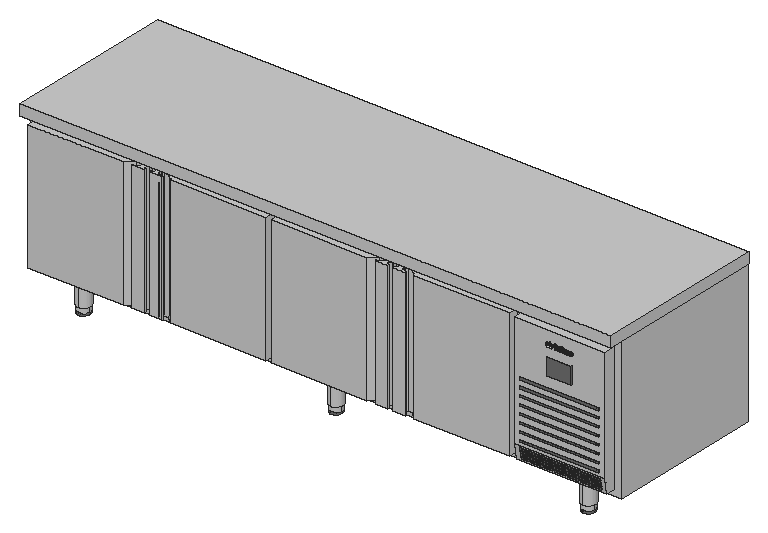
Revit family "QF_INFRICO_MR2750_250813034759", category Specialty Equipment, Revit 2021
Family settings
  Round Connector Dimension = Use Diameter
  Part Type = Normal
  OmniClass Number = 23.40.40.14
  OmniClass Title = Food Service Equipment
  Work Plane-Based = No
  Always vertical = Yes
  Cut with Voids When Loaded = No
  Shared = No
  Room Calculation Point = No
Parameters (values of type "MR2750-R290")
  Weight [instance] = 233.999 kg
  Waste Water Discharge Temperature [instance] = 0 °C
  Waste Remarks [instance] = ""
  Warranty Start Date [instance] = ""
  Warranty Duration [instance] = ""
  Volts [instance] = 230 V
  Volt Free Conn [instance] = no
  URL Recommended Spares List [instance] = ""
  URL Manufacturer [instance] = ""
  URL Cutsheet [instance] = ""
  URL Critical Spares List [instance] = ""
  URL = "www.infrico.com"
  Technical Documentation [instance] = ""
  Tag Number [instance] = ""
  Status [instance] = ""
  Start Up Current [instance] = 0 A
  Specification by User [instance] = ""
  Specification by Manufacturer [instance] = ""
  Sound Level [instance] = ""
  Show Logo [instance] = yes
  Show Clearances [instance] = yes
  Service Life Duration [instance] = ""
  Serial Number [instance] = ""
  Seismic Rating [instance] = ""
  SMACNA No [instance] = ""
  Revision Code [instance] = ""
  Revision [instance] = ""
  Production Year [instance] = ""
  Potential Equalisation [instance] = no
  Point Load [instance] = 0
  Plumbing Connection Type [instance] = ""
  Phase [instance] = 1
  Other Equipment Approvals [instance] = ""
  Operational Current [instance] = 0 A
  Number of Poles [instance] = 2
  No Load Power Draw [instance] = no
  NAFEM Spec ID Number [instance] = ""
  Model Warning [instance] = ""
  Model = "MR2750"
  Min Ckt Ampacity [instance] = 0 A
  Max Overcurrent Protection [instance] = 0 A
  Masterspec [instance] = ""
  Manufacturer = "INFRICO"
  Main switch integrated [instance] = no
  Length Actual [instance] = 2752.09 mm
  Item Number [instance] = ""
  Installed By [instance] = ""
  Installation Date [instance] = ""
  Indirect Waste Size [instance] = 19.05 mm
  Indirect Waste Remarks [instance] = ""
  Indirect Waste Flow [instance] = 0.0 L/s
  Indirect Waste Connection Type [instance] = ""
  Indirect Waste Connection Height [instance] = 0 mm
  Identify Quantity as Lot [instance] = no
  ID [instance] = ""
  Hygiene Approval [instance] = ""
  Height Actual [instance] = 849.884 mm
  HP power [instance] = ""
  Furnished By [instance] = ""
  Foodservice Equipment Identifier [instance] = no
  FL Amps [instance] = 0 A
  Electrical Remarks [instance] = ""
  Electric power [instance] = 370 W
  Electric Connection Type [instance] = ""
  Elec Conn RI Height [instance] = 0 mm
  Elec Conn Connection Height [instance] = 0 mm
  ETL Approved [instance] = no
  Direct Waste Water Discharge Temperature [instance] = -273.15 °C
  Direct Waste Size [instance] = 19.05 mm
  Direct Waste RI Height [instance] = 0 mm
  Direct Waste Flow [instance] = 0.0 L/s
  Direct Waste Connection Height [instance] = 0 mm
  Description = "EURONORM 600X400 PASTRY COUNTER REFRIGERATOR AND FREEZER 800 SERIES - R290"
  Depth Actual [instance] = 800.1 mm
  Default Elevation = 0 mm
  Cycle [instance] = 50 Hz
  Cost = 0
  Connection to energy optimisation system [instance] = yes
  Conn Plug [instance] = ""
  Conn Conduit [instance] = no
  Centralized building control system with digital interface [instance] = ""
  CSI MasterFormat [instance] = ""
  CE Approved [instance] = no
  Barcode [instance] = 0
  Author [instance] = ""
  Asset Identifier [instance] = ""
  Apparent Power [instance] = 370 VA
  Accessory [instance] = no
Reference planes
  plane 1 "Center (Front/Back)": y = 0
  plane 2: z = 0
  plane 3 "Center (Left/Right)": x = 0
Forms (mm)
  Extrusion 1, solid, not visible
    sketch origin (1182.058, -113.006, 142.007) x (1, 0, 0) y (0, 1, 0)
      loop
        line (-2, 2) -> (-2, -2) -> (2, -2) -> (2, 2) -> (-2, 2)
    from -2 to 2
  Extrusion 2, solid, not visible
    sketch origin (2690.131, -60.003, 142.007) x (1, 0, 0) y (0, 1, 0)
      loop
        line (-2, 2) -> (-2, -2) -> (2, -2) -> (2, 2) -> (-2, 2)
    from -2 to 2
Dimensions and locks
  locked: nested 2 to Extrusion 1 at 2  (x2)
  locked: nested 3 to Extrusion 2 at 2  (x2)
  aligned and locked: level to plane 2
Nested families
  nested 1: "QF_INFRICO_MR2750_2920" at (0, 0, 140), type "MR2750-R290"
    with Weight 233.999 kg, Warranty Start Date "", Warranty Duration "", URL Cutsheet "", Technical Documentation "", Tag Number "", Status "", Specification by User "", Specification by Manufacturer "", Sound Level "", Solid Fuel Type "", Show Logo yes, Show Clearances yes, Show Clearance yes, Service Life Duration "", Serial Number "", Seismic Rating "", SMACNA No "", Revision Code "", Revision "", Production Year "", Point Load 0, Other Equipment Approvals "", NAFEM Spec ID Number "", Model Warning "", Masterspec "", Length Actual 2752.09 mm, Item Number "", Installed By "", Installation Date "", Identify Quantity as Lot yes, ID "", Hygiene Approval "", Height Actual 849.884 mm, Furnished By "", Foodservice Equipment Identifier yes, ETL Approved yes, Depth Actual 800.1 mm, CSI MasterFormat "", CE Approved no, Barcode "", Author "", Asset Identifier "", Accessory no
  nested 2: "CONN_POINT_DRAIN_2D___Generic_Annotation" at (1182.058, -113.006, 140.007), type "CONN_POINT_DRAIN_2D___Generic_Annotation"
    with Onboard connection annotation symbol visibility yes
  nested 3: "CONN_POINT_ELE_2D___Generic_Annotation" at (2690.131, -60.003, 140.007), type "CONN_POINT_ELE_2D___Generic_Annotation"
    with Onboard connection annotation symbol visibility yes
  nested 4: "QF_INFRICO_MR_DOOR_SX_4852" at (22, -738, 168), type "MR_DOOR_SX"
    with Weight 0.00 kg, Warranty Start Date "", Warranty Duration "", URL Cutsheet "", Technical Documentation "", Tag Number "", Status "", Specification by User "", Specification by Manufacturer "", Sound Level "", Solid Fuel Type "", Show Logo yes, Show Clearances yes, Show Clearance yes, Service Life Duration "", Serial Number "", Seismic Rating "", SMACNA No "", Revision Code "", Revision "", Production Year "", Point Load 0, Other Equipment Approvals "", NAFEM Spec ID Number "", Model Warning "", Masterspec "", Length Actual 542.036 mm, Item Number "", Installed By "", Installation Date "", Identify Quantity as Lot yes, ID "", Hygiene Approval "", Height Actual 596.9 mm, Furnished By "", Foodservice Equipment Identifier yes, ETL Approved yes, Depth Actual 54.102 mm, CSI MasterFormat "", CE Approved no, Barcode "", Author "", Asset Identifier "", Accessory yes
  nested 5: "QF_INFRICO_MR_DOOR_DX_5633" at (589, -738, 168), type "MR_DOOR_DX"
    with Weight 0.00 kg, Warranty Start Date "", Warranty Duration "", URL Cutsheet "", Technical Documentation "", Tag Number "", Status "", Specification by User "", Specification by Manufacturer "", Sound Level "", Solid Fuel Type "", Show Logo yes, Show Clearances yes, Show Clearance yes, Service Life Duration "", Serial Number "", Seismic Rating "", SMACNA No "", Revision Code "", Revision "", Production Year "", Point Load 0, Other Equipment Approvals "", NAFEM Spec ID Number "", Model Warning "", Masterspec "", Length Actual 542.036 mm, Item Number "", Installed By "", Installation Date "", Identify Quantity as Lot yes, ID "", Hygiene Approval "", Height Actual 596.9 mm, Furnished By "", Foodservice Equipment Identifier yes, ETL Approved yes, Depth Actual 54.102 mm, CSI MasterFormat "", CE Approved no, Barcode "", Author "", Asset Identifier "", Accessory yes
  nested 6: "QF_INFRICO_MR_DOOR_SX_6410" at (1156, -738, 168), type "MR_DOOR_SX"
    with Weight 0.00 kg, Warranty Start Date "", Warranty Duration "", URL Cutsheet "", Technical Documentation "", Tag Number "", Status "", Specification by User "", Specification by Manufacturer "", Sound Level "", Solid Fuel Type "", Show Logo yes, Show Clearances yes, Show Clearance yes, Service Life Duration "", Serial Number "", Seismic Rating "", SMACNA No "", Revision Code "", Revision "", Production Year "", Point Load 0, Other Equipment Approvals "", NAFEM Spec ID Number "", Model Warning "", Masterspec "", Length Actual 542.036 mm, Item Number "", Installed By "", Installation Date "", Identify Quantity as Lot yes, ID "", Hygiene Approval "", Height Actual 596.9 mm, Furnished By "", Foodservice Equipment Identifier yes, ETL Approved yes, Depth Actual 54.102 mm, CSI MasterFormat "", CE Approved no, Barcode "", Author "", Asset Identifier "", Accessory yes
  nested 7: "QF_INFRICO_MR_DOOR_DX_7187" at (1723, -738, 168), type "MR_DOOR_DX"
    with Weight 0.00 kg, Warranty Start Date "", Warranty Duration "", URL Cutsheet "", Technical Documentation "", Tag Number "", Status "", Specification by User "", Specification by Manufacturer "", Sound Level "", Solid Fuel Type "", Show Logo yes, Show Clearances yes, Show Clearance yes, Service Life Duration "", Serial Number "", Seismic Rating "", SMACNA No "", Revision Code "", Revision "", Production Year "", Point Load 0, Other Equipment Approvals "", NAFEM Spec ID Number "", Model Warning "", Masterspec "", Length Actual 542.036 mm, Item Number "", Installed By "", Installation Date "", Identify Quantity as Lot yes, ID "", Hygiene Approval "", Height Actual 596.9 mm, Furnished By "", Foodservice Equipment Identifier yes, ETL Approved yes, Depth Actual 54.102 mm, CSI MasterFormat "", CE Approved no, Barcode "", Author "", Asset Identifier "", Accessory yes
  nested 8: "QF_INFRICO_WORKTOP_7964" at (0, 0, 800), type "ENC12SPMR27"
    with Weight 0.00 kg, Warranty Start Date "", Warranty Duration "", URL Cutsheet "", Technical Documentation "", Tag Number "", Status "", Specification by User "", Specification by Manufacturer "", Sound Level "", Solid Fuel Type "", Show Logo yes, Show Clearances yes, Show Clearance yes, Service Life Duration "", Serial Number "", Seismic Rating "", SMACNA No "", Revision Code "", Revision "", Production Year "", Point Load 0, Other Equipment Approvals "", NAFEM Spec ID Number "", Model Warning "", Masterspec "", Length Actual 2752.09 mm, Item Number "", Installed By "", Installation Date "", Identify Quantity as Lot yes, ID "", Hygiene Approval "", Height Actual 50.038 mm, Furnished By "", Foodservice Equipment Identifier yes, ETL Approved yes, Depth Actual 800.1 mm, CSI MasterFormat "", CE Approved no, Barcode "", Author "", Asset Identifier "", Accessory yes
  nested 9: "QF_INFRICO_LEGS_8808" at (0, 0, 0), type "LEGS_2750_800"
    with Weight 0.00 kg, Warranty Start Date "", Warranty Duration "", URL Cutsheet "", Technical Documentation "", Tag Number "", Status "", Specification by User "", Specification by Manufacturer "", Sound Level "", Solid Fuel Type "", Show Logo yes, Show Clearances yes, Show Clearance yes, Service Life Duration "", Serial Number "", Seismic Rating "", SMACNA No "", Revision Code "", Revision "", Production Year "", Point Load 0, Other Equipment Approvals "", NAFEM Spec ID Number "", Model Warning "", Masterspec "", Length Actual 2452.116 mm, Item Number "", Installed By "", Installation Date "", Identify Quantity as Lot yes, ID "", Hygiene Approval "", Height Actual 139.954 mm, Furnished By "", Foodservice Equipment Identifier yes, ETL Approved yes, Depth Actual 800.1 mm, CSI MasterFormat "", CE Approved no, Barcode "", Author "", Asset Identifier "", Accessory yes
Connectors
  piping at (1182.058, -113.006, 140.007), diameter 19.05, driven by "Indirect Waste Size", driven by "Direct Waste Flow"
    settings: on Extrusion 1, index 1, connector inside diameter 609.6 mm, connector length 0 mm, flow factor 0, pipe flow 0.0 L/s, pressure drop 0.0 Pa, fitting loss kfactor 0, connector angle 0.00°, fixture units 0, engagement length 0 mm, angle of deflection 0.00°, flow configuration 1, flow direction 2, fitting loss method 0, system type 16, joint type 0, gender type 0, connector reference index -1, connector utility 0, adjustable connector no, is connector primary yes, connector description "Waste connection for MR2750"
  electrical at (2690.131, -60.003, 140.007), driven by "Apparent Power", driven by "Number of Poles", driven by "Volts"
    settings: on Extrusion 2, index 2, voltage 230 V, apparent load 0 VA, apparent load phase1 370 VA, apparent load phase2 0 VA, apparent load phase3 0 VA, power factor 1, load classification "Other", number of poles 2, system type 31, power factor state 1, is connector primary yes, connector utility no, sub classification motor no, connector description "Electrical connection for MR2750"
Definition of nested family "QF_INFRICO_MR2750_2920"
  Parameters (values of type "MR2750")
    Weight [instance] = 0.00 kg
    Warranty Start Date [instance] = ""
    Warranty Duration [instance] = ""
    URL Cutsheet [instance] = ""
    URL = "www.infrico.com"
    Technical Documentation [instance] = ""
    Tag Number [instance] = ""
    Status [instance] = ""
    Specification by User [instance] = ""
    Specification by Manufacturer [instance] = ""
    Sound Level [instance] = ""
    Solid Fuel Type [instance] = ""
    Show Logo [instance] = yes
    Show Clearances [instance] = yes
    Show Clearance [instance] = yes
    Service Life Duration [instance] = ""
    Serial Number [instance] = ""
    Seismic Rating [instance] = ""
    SMACNA No [instance] = ""
    Revision Code [instance] = ""
    Revision [instance] = ""
    Production Year [instance] = ""
    Point Load [instance] = 0
    Other Equipment Approvals [instance] = ""
    NAFEM Spec ID Number [instance] = ""
    Model Warning [instance] = ""
    Model = "MR2750"
    Masterspec [instance] = ""
    Manufacturer = "INFRICO"
    Length Actual [instance] = 0 mm
    Item Number [instance] = ""
    Installed By [instance] = ""
    Installation Date [instance] = ""
    Identify Quantity as Lot [instance] = yes
    ID [instance] = ""
    Hygiene Approval [instance] = ""
    Height Actual [instance] = 0 mm
    Furnished By [instance] = ""
    Foodservice Equipment Identifier [instance] = yes
    ETL Approved [instance] = yes
    Description = "EURONORM 600X400 PASTRY COUNTER REFRIGERATOR AND FREEZER 800 SERIES - R134A"
    Depth Actual [instance] = 0 mm
    Default Elevation = 0 mm
    CSI MasterFormat [instance] = ""
    CE Approved [instance] = yes
    Barcode [instance] = ""
    Author [instance] = ""
    Asset Identifier [instance] = ""
    Assembly Code = "E1090320"
    Accessory [instance] = yes
  Types (3, lengths in mm): name | Model | Description
    MR2750CR | "MR2750CR" | "GLASS DOOR EURONORM 600X400 PASTRY COUNTER REFRIGERATOR 800 SERIES - R134A"
    MR2750 | "MR2750" | "EURONORM 600X400 PASTRY COUNTER REFRIGERATOR AND FREEZER 800 SERIES - R134A"
    MR2750-R290 | "MR2750" | "EURONORM 600X400 PASTRY COUNTER REFRIGERATOR AND FREEZER 800 SERIES - R290"
  Reference planes
    plane 1 "Back": y = 0
    plane 2: z = 0
    plane 3 "Left": x = 0
    plane 4 "Right": x = 2752
    plane 5 "Front": y = -800
    plane 6 "Top": z = 660
  Forms (mm)
    Extrusion 1, solid
      sketch origin (1284, -100, -140) x (0, 1, 0) y (0, 0, 1)
        loop
          line (-638.02, 765.292) -> (-695.03, 765.292) -> (-695.03, 238.436) -> (-678.769, 168) -> (-638.02, 168) -> (-638.02, 765.292)
      from 1013.993 to 1433.993
    Extrusion 2, solid
      sketch origin (-716, -793.13, -140) x (1, 0, 0) y (0, 0, 1)
        loop
          line (3408.016, 523.949) -> (3040.73, 523.949) -> (3040.73, 514.949) -> (3408.016, 514.949) -> (3408.016, 523.949)
        loop
          line (3408.016, 486.949) -> (3040.73, 486.949) -> (3040.73, 477.949) -> (3408.016, 477.949) -> (3408.016, 486.949)
        loop
          line (3408.016, 449.949) -> (3040.73, 449.949) -> (3040.73, 440.949) -> (3408.016, 440.949) -> (3408.016, 449.949)
        loop
          line (3408.016, 412.949) -> (3040.73, 412.949) -> (3040.73, 403.949) -> (3408.016, 403.949) -> (3408.016, 412.949)
        loop
          line (3408.016, 375.949) -> (3040.73, 375.949) -> (3040.73, 366.949) -> (3408.016, 366.949) -> (3408.016, 375.949)
        loop
          line (3408.016, 338.949) -> (3040.73, 338.949) -> (3040.73, 329.949) -> (3408.016, 329.949) -> (3408.016, 338.949)
        loop
          line (3408.016, 301.949) -> (3040.73, 301.949) -> (3040.73, 292.949) -> (3408.016, 292.949) -> (3408.016, 301.949)
        loop
          line (3408.016, 264.949) -> (3040.73, 264.949) -> (3040.73, 255.949) -> (3408.016, 255.949) -> (3408.016, 264.949)
      from 0 to 2
    Extrusion 3, solid
      sketch origin (-716, -739.263, -134.673) x (1, 0, 0) y (0, -0.224951, 0.97437)
        loop
          line (3036.73, 215.974) -> (3036.73, 205.974) -> (3046.73, 205.974) -> (3046.73, 215.974) -> (3036.73, 215.974)
        loop
          line (3036.73, 230.769) -> (3036.73, 220.769) -> (3046.73, 220.769) -> (3046.73, 230.769) -> (3036.73, 230.769)
        loop
          line (3036.73, 186.385) -> (3036.73, 176.385) -> (3046.73, 176.385) -> (3046.73, 186.385) -> (3036.73, 186.385)
        loop
          line (3036.73, 201.179) -> (3036.73, 191.179) -> (3046.73, 191.179) -> (3046.73, 201.179) -> (3036.73, 201.179)
        loop
          line (3051.938, 215.974) -> (3051.938, 205.974) -> (3061.938, 205.974) -> (3061.938, 215.974) -> (3051.938, 215.974)
        loop
          line (3051.938, 230.769) -> (3051.938, 220.769) -> (3061.938, 220.769) -> (3061.938, 230.769) -> (3051.938, 230.769)
        loop
          line (3051.938, 186.385) -> (3051.938, 176.385) -> (3061.938, 176.385) -> (3061.938, 186.385) -> (3051.938, 186.385)
        loop
          line (3051.938, 201.179) -> (3051.938, 191.179) -> (3061.938, 191.179) -> (3061.938, 201.179) -> (3051.938, 201.179)
        loop
          line (3067.147, 215.974) -> (3067.147, 205.974) -> (3077.147, 205.974) -> (3077.147, 215.974) -> (3067.147, 215.974)
        loop
          line (3067.147, 230.769) -> (3067.147, 220.769) -> (3077.147, 220.769) -> (3077.147, 230.769) -> (3067.147, 230.769)
        loop
          line (3067.147, 186.385) -> (3067.147, 176.385) -> (3077.147, 176.385) -> (3077.147, 186.385) -> (3067.147, 186.385)
        loop
          line (3067.147, 201.179) -> (3067.147, 191.179) -> (3077.147, 191.179) -> (3077.147, 201.179) -> (3067.147, 201.179)
        loop
          line (3082.355, 215.974) -> (3082.355, 205.974) -> (3092.355, 205.974) -> (3092.355, 215.974) -> (3082.355, 215.974)
        loop
          line (3082.355, 230.769) -> (3082.355, 220.769) -> (3092.355, 220.769) -> (3092.355, 230.769) -> (3082.355, 230.769)
        loop
          line (3082.355, 186.385) -> (3082.355, 176.385) -> (3092.355, 176.385) -> (3092.355, 186.385) -> (3082.355, 186.385)
        loop
          line (3082.355, 201.179) -> (3082.355, 191.179) -> (3092.355, 191.179) -> (3092.355, 201.179) -> (3082.355, 201.179)
        loop
          line (3097.563, 215.974) -> (3097.563, 205.974) -> (3107.563, 205.974) -> (3107.563, 215.974) -> (3097.563, 215.974)
        loop
          line (3097.563, 230.769) -> (3097.563, 220.769) -> (3107.563, 220.769) -> (3107.563, 230.769) -> (3097.563, 230.769)
        loop
          line (3097.563, 186.385) -> (3097.563, 176.385) -> (3107.563, 176.385) -> (3107.563, 186.385) -> (3097.563, 186.385)
        loop
          line (3097.563, 201.179) -> (3097.563, 191.179) -> (3107.563, 191.179) -> (3107.563, 201.179) -> (3097.563, 201.179)
        loop
          line (3112.772, 215.974) -> (3112.772, 205.974) -> (3122.772, 205.974) -> (3122.772, 215.974) -> (3112.772, 215.974)
        loop
          line (3112.772, 230.769) -> (3112.772, 220.769) -> (3122.772, 220.769) -> (3122.772, 230.769) -> (3112.772, 230.769)
        loop
          line (3112.772, 186.385) -> (3112.772, 176.385) -> (3122.772, 176.385) -> (3122.772, 186.385) -> (3112.772, 186.385)
        loop
          line (3112.772, 201.179) -> (3112.772, 191.179) -> (3122.772, 191.179) -> (3122.772, 201.179) -> (3112.772, 201.179)
        loop
          line (3127.98, 215.974) -> (3127.98, 205.974) -> (3137.98, 205.974) -> (3137.98, 215.974) -> (3127.98, 215.974)
        loop
          line (3127.98, 230.769) -> (3127.98, 220.769) -> (3137.98, 220.769) -> (3137.98, 230.769) -> (3127.98, 230.769)
        loop
          line (3127.98, 186.385) -> (3127.98, 176.385) -> (3137.98, 176.385) -> (3137.98, 186.385) -> (3127.98, 186.385)
        loop
          line (3127.98, 201.179) -> (3127.98, 191.179) -> (3137.98, 191.179) -> (3137.98, 201.179) -> (3127.98, 201.179)
        loop
          line (3143.188, 215.974) -> (3143.188, 205.974) -> (3153.188, 205.974) -> (3153.188, 215.974) -> (3143.188, 215.974)
        loop
          line (3143.188, 230.769) -> (3143.188, 220.769) -> (3153.188, 220.769) -> (3153.188, 230.769) -> (3143.188, 230.769)
        loop
          line (3143.188, 186.385) -> (3143.188, 176.385) -> (3153.188, 176.385) -> (3153.188, 186.385) -> (3143.188, 186.385)
        loop
          line (3143.188, 201.179) -> (3143.188, 191.179) -> (3153.188, 191.179) -> (3153.188, 201.179) -> (3143.188, 201.179)
        loop
          line (3158.397, 215.974) -> (3158.397, 205.974) -> (3168.397, 205.974) -> (3168.397, 215.974) -> (3158.397, 215.974)
        loop
          line (3158.397, 230.769) -> (3158.397, 220.769) -> (3168.397, 220.769) -> (3168.397, 230.769) -> (3158.397, 230.769)
        loop
          line (3158.397, 186.385) -> (3158.397, 176.385) -> (3168.397, 176.385) -> (3168.397, 186.385) -> (3158.397, 186.385)
        loop
          line (3158.397, 201.179) -> (3158.397, 191.179) -> (3168.397, 191.179) -> (3168.397, 201.179) -> (3158.397, 201.179)
        loop
          line (3173.605, 215.974) -> (3173.605, 205.974) -> (3183.605, 205.974) -> (3183.605, 215.974) -> (3173.605, 215.974)
        loop
          line (3173.605, 230.769) -> (3173.605, 220.769) -> (3183.605, 220.769) -> (3183.605, 230.769) -> (3173.605, 230.769)
        loop
          line (3173.605, 186.385) -> (3173.605, 176.385) -> (3183.605, 176.385) -> (3183.605, 186.385) -> (3173.605, 186.385)
        loop
          line (3173.605, 201.179) -> (3173.605, 191.179) -> (3183.605, 191.179) -> (3183.605, 201.179) -> (3173.605, 201.179)
        loop
          line (3188.813, 215.974) -> (3188.813, 205.974) -> (3198.813, 205.974) -> (3198.813, 215.974) -> (3188.813, 215.974)
        loop
          line (3188.813, 230.769) -> (3188.813, 220.769) -> (3198.813, 220.769) -> (3198.813, 230.769) -> (3188.813, 230.769)
        loop
          line (3188.813, 186.385) -> (3188.813, 176.385) -> (3198.813, 176.385) -> (3198.813, 186.385) -> (3188.813, 186.385)
        loop
          line (3188.813, 201.179) -> (3188.813, 191.179) -> (3198.813, 191.179) -> (3198.813, 201.179) -> (3188.813, 201.179)
        loop
          line (3204.022, 215.974) -> (3204.022, 205.974) -> (3214.022, 205.974) -> (3214.022, 215.974) -> (3204.022, 215.974)
        loop
          line (3204.022, 230.769) -> (3204.022, 220.769) -> (3214.022, 220.769) -> (3214.022, 230.769) -> (3204.022, 230.769)
        loop
          line (3204.022, 186.385) -> (3204.022, 176.385) -> (3214.022, 176.385) -> (3214.022, 186.385) -> (3204.022, 186.385)
        loop
          line (3204.022, 201.179) -> (3204.022, 191.179) -> (3214.022, 191.179) -> (3214.022, 201.179) -> (3204.022, 201.179)
        loop
          line (3219.23, 215.974) -> (3219.23, 205.974) -> (3229.23, 205.974) -> (3229.23, 215.974) -> (3219.23, 215.974)
        loop
          line (3219.23, 230.769) -> (3219.23, 220.769) -> (3229.23, 220.769) -> (3229.23, 230.769) -> (3219.23, 230.769)
        loop
          line (3219.23, 186.385) -> (3219.23, 176.385) -> (3229.23, 176.385) -> (3229.23, 186.385) -> (3219.23, 186.385)
        loop
          line (3219.23, 201.179) -> (3219.23, 191.179) -> (3229.23, 191.179) -> (3229.23, 201.179) -> (3219.23, 201.179)
        loop
          line (3234.438, 215.974) -> (3234.438, 205.974) -> (3244.438, 205.974) -> (3244.438, 215.974) -> (3234.438, 215.974)
        loop
          line (3234.438, 230.769) -> (3234.438, 220.769) -> (3244.438, 220.769) -> (3244.438, 230.769) -> (3234.438, 230.769)
        loop
          line (3234.438, 186.385) -> (3234.438, 176.385) -> (3244.438, 176.385) -> (3244.438, 186.385) -> (3234.438, 186.385)
        loop
          line (3234.438, 201.179) -> (3234.438, 191.179) -> (3244.438, 191.179) -> (3244.438, 201.179) -> (3234.438, 201.179)
        loop
          line (3249.647, 215.974) -> (3249.647, 205.974) -> (3259.647, 205.974) -> (3259.647, 215.974) -> (3249.647, 215.974)
        loop
          line (3249.647, 230.769) -> (3249.647, 220.769) -> (3259.647, 220.769) -> (3259.647, 230.769) -> (3249.647, 230.769)
        loop
          line (3249.647, 186.385) -> (3249.647, 176.385) -> (3259.647, 176.385) -> (3259.647, 186.385) -> (3249.647, 186.385)
        loop
          line (3249.647, 201.179) -> (3249.647, 191.179) -> (3259.647, 191.179) -> (3259.647, 201.179) -> (3249.647, 201.179)
        loop
          line (3264.855, 215.974) -> (3264.855, 205.974) -> (3274.855, 205.974) -> (3274.855, 215.974) -> (3264.855, 215.974)
        loop
          line (3264.855, 230.769) -> (3264.855, 220.769) -> (3274.855, 220.769) -> (3274.855, 230.769) -> (3264.855, 230.769)
        loop
          line (3264.855, 186.385) -> (3264.855, 176.385) -> (3274.855, 176.385) -> (3274.855, 186.385) -> (3264.855, 186.385)
        loop
          line (3264.855, 201.179) -> (3264.855, 191.179) -> (3274.855, 191.179) -> (3274.855, 201.179) -> (3264.855, 201.179)
        loop
          line (3280.063, 215.974) -> (3280.063, 205.974) -> (3290.063, 205.974) -> (3290.063, 215.974) -> (3280.063, 215.974)
        loop
          line (3280.063, 230.769) -> (3280.063, 220.769) -> (3290.063, 220.769) -> (3290.063, 230.769) -> (3280.063, 230.769)
        loop
          line (3280.063, 186.385) -> (3280.063, 176.385) -> (3290.063, 176.385) -> (3290.063, 186.385) -> (3280.063, 186.385)
        loop
          line (3280.063, 201.179) -> (3280.063, 191.179) -> (3290.063, 191.179) -> (3290.063, 201.179) -> (3280.063, 201.179)
        loop
          line (3295.272, 215.974) -> (3295.272, 205.974) -> (3305.272, 205.974) -> (3305.272, 215.974) -> (3295.272, 215.974)
        loop
          line (3295.272, 230.769) -> (3295.272, 220.769) -> (3305.272, 220.769) -> (3305.272, 230.769) -> (3295.272, 230.769)
        loop
          line (3295.272, 186.385) -> (3295.272, 176.385) -> (3305.272, 176.385) -> (3305.272, 186.385) -> (3295.272, 186.385)
        loop
          line (3295.272, 201.179) -> (3295.272, 191.179) -> (3305.272, 191.179) -> (3305.272, 201.179) -> (3295.272, 201.179)
        loop
          line (3310.48, 215.974) -> (3310.48, 205.974) -> (3320.48, 205.974) -> (3320.48, 215.974) -> (3310.48, 215.974)
        loop
          line (3310.48, 230.769) -> (3310.48, 220.769) -> (3320.48, 220.769) -> (3320.48, 230.769) -> (3310.48, 230.769)
        loop
          line (3310.48, 186.385) -> (3310.48, 176.385) -> (3320.48, 176.385) -> (3320.48, 186.385) -> (3310.48, 186.385)
        loop
          line (3310.48, 201.179) -> (3310.48, 191.179) -> (3320.48, 191.179) -> (3320.48, 201.179) -> (3310.48, 201.179)
        loop
          line (3325.688, 215.974) -> (3325.688, 205.974) -> (3335.688, 205.974) -> (3335.688, 215.974) -> (3325.688, 215.974)
        loop
          line (3325.688, 230.769) -> (3325.688, 220.769) -> (3335.688, 220.769) -> (3335.688, 230.769) -> (3325.688, 230.769)
        loop
          line (3325.688, 186.385) -> (3325.688, 176.385) -> (3335.688, 176.385) -> (3335.688, 186.385) -> (3325.688, 186.385)
        loop
          line (3325.688, 201.179) -> (3325.688, 191.179) -> (3335.688, 191.179) -> (3335.688, 201.179) -> (3325.688, 201.179)
        loop
          line (3340.897, 215.974) -> (3340.897, 205.974) -> (3350.897, 205.974) -> (3350.897, 215.974) -> (3340.897, 215.974)
        loop
          line (3340.897, 230.769) -> (3340.897, 220.769) -> (3350.897, 220.769) -> (3350.897, 230.769) -> (3340.897, 230.769)
        loop
          line (3340.897, 186.385) -> (3340.897, 176.385) -> (3350.897, 176.385) -> (3350.897, 186.385) -> (3340.897, 186.385)
        loop
          line (3340.897, 201.179) -> (3340.897, 191.179) -> (3350.897, 191.179) -> (3350.897, 201.179) -> (3340.897, 201.179)
        loop
          line (3356.105, 215.974) -> (3356.105, 205.974) -> (3366.105, 205.974) -> (3366.105, 215.974) -> (3356.105, 215.974)
        loop
          line (3356.105, 230.769) -> (3356.105, 220.769) -> (3366.105, 220.769) -> (3366.105, 230.769) -> (3356.105, 230.769)
        loop
          line (3356.105, 186.385) -> (3356.105, 176.385) -> (3366.105, 176.385) -> (3366.105, 186.385) -> (3356.105, 186.385)
        loop
          line (3356.105, 201.179) -> (3356.105, 191.179) -> (3366.105, 191.179) -> (3366.105, 201.179) -> (3356.105, 201.179)
        loop
          line (3371.313, 215.974) -> (3371.313, 205.974) -> (3381.313, 205.974) -> (3381.313, 215.974) -> (3371.313, 215.974)
        loop
          line (3371.313, 230.769) -> (3371.313, 220.769) -> (3381.313, 220.769) -> (3381.313, 230.769) -> (3371.313, 230.769)
        loop
          line (3371.313, 186.385) -> (3371.313, 176.385) -> (3381.313, 176.385) -> (3381.313, 186.385) -> (3371.313, 186.385)
        loop
          line (3371.313, 201.179) -> (3371.313, 191.179) -> (3381.313, 191.179) -> (3381.313, 201.179) -> (3371.313, 201.179)
        loop
          line (3386.522, 215.974) -> (3386.522, 205.974) -> (3396.522, 205.974) -> (3396.522, 215.974) -> (3386.522, 215.974)
        loop
          line (3386.522, 230.769) -> (3386.522, 220.769) -> (3396.522, 220.769) -> (3396.522, 230.769) -> (3386.522, 230.769)
        loop
          line (3386.522, 186.385) -> (3386.522, 176.385) -> (3396.522, 176.385) -> (3396.522, 186.385) -> (3386.522, 186.385)
        loop
          line (3386.522, 201.179) -> (3386.522, 191.179) -> (3396.522, 191.179) -> (3396.522, 201.179) -> (3386.522, 201.179)
        loop
          line (3401.73, 215.974) -> (3401.73, 205.974) -> (3411.73, 205.974) -> (3411.73, 215.974) -> (3401.73, 215.974)
        loop
          line (3401.73, 230.769) -> (3401.73, 220.769) -> (3411.73, 220.769) -> (3411.73, 230.769) -> (3401.73, 230.769)
        loop
          line (3401.73, 186.385) -> (3401.73, 176.385) -> (3411.73, 176.385) -> (3411.73, 186.385) -> (3401.73, 186.385)
        loop
          line (3401.73, 201.179) -> (3401.73, 191.179) -> (3411.73, 191.179) -> (3411.73, 201.179) -> (3401.73, 201.179)
      from 0 to 2
    Extrusion 4, solid, visible <- "Show Logo"
      sketch origin (1283.014, -793.13, -140) x (1, 0, 0) y (0, 0, 1)
        loop
          line (1208.799, 696.53) -> (1208.799, 719.204) -> (1204.173, 719.204) -> (1204.173, 696.53) -> (1208.799, 696.53)
        loop
          line (1214.779, 713.006) -> (1211.283, 713.006) -> (1211.283, 696.53) -> (1215.772, 696.53) -> (1215.772, 707.832)
          arc (1215.772, 707.832) -> (1217.528, 708.741) -> (1219.417, 709.324) r 11.052
          arc (1219.417, 709.324) -> (1220.929, 708.961) -> (1221.598, 707.557) r 1.806
          line (1221.598, 707.557) -> (1221.598, 696.53) -> (1226.121, 696.53) -> (1226.121, 708.689)
          arc (1226.121, 708.689) -> (1224.637, 712.075) -> (1221.141, 713.281) r 4.607
          arc (1221.141, 713.281) -> (1218.282, 712.674) -> (1215.669, 711.361) r 11.435
          line (1215.669, 711.361) -> (1215.601, 712.184)
          arc (1215.601, 712.184) -> (1215.36, 712.765) -> (1214.779, 713.006) r 0.822
        loop
          line (1238.557, 720.102) -> (1237.306, 720.102)
          arc (1237.306, 720.102) -> (1235.052, 719.926) -> (1232.881, 719.297) r 11.103
          arc (1232.881, 719.297) -> (1230.805, 717.616) -> (1230.024, 715.062) r 4.567
          line (1230.024, 715.062) -> (1230.024, 712.909) -> (1227.351, 712.703) -> (1227.351, 709.374) -> (1230.024, 709.374) -> (1230.024, 696.53) -> (1234.547, 696.53) -> (1234.547, 709.374) -> (1238.249, 709.374) -> (1238.249, 712.938) -> (1234.547, 712.938) -> (1234.547, 714.548)
          arc (1234.547, 714.548) -> (1234.956, 715.705) -> (1236.045, 716.271) r 1.67
          line (1236.045, 716.271) -> (1237.7, 716.399)
          arc (1237.7, 716.399) -> (1238.306, 716.65) -> (1238.557, 717.255) r 0.857
          line (1238.557, 717.255) -> (1238.557, 720.102)
        loop
          line (1239.479, 713.006) -> (1239.479, 696.53) -> (1243.968, 696.53) -> (1243.968, 707.352)
          arc (1243.968, 707.352) -> (1245.873, 708.631) -> (1248.077, 709.268) r 7.435
          line (1248.077, 709.268) -> (1249.241, 709.416)
          arc (1249.241, 709.416) -> (1249.643, 709.758) -> (1249.793, 710.265) r 0.928
          line (1249.793, 710.265) -> (1249.793, 712.458)
          arc (1249.793, 712.458) -> (1249.531, 713.061) -> (1248.912, 713.28) r 0.824
          arc (1248.912, 713.28) -> (1246.197, 712.588) -> (1243.899, 710.984) r 7.833
          line (1243.899, 710.984) -> (1243.726, 713.006) -> (1239.479, 713.006)
        loop
          line (1255.495, 696.53) -> (1255.495, 713.006) -> (1251.006, 713.006) -> (1251.006, 696.53) -> (1255.495, 696.53)
        loop
          arc (1257.421, 701.327) -> (1258.567, 698.188) -> (1261.466, 696.525) r 4.873
          arc (1261.466, 696.525) -> (1264.493, 696.266) -> (1267.521, 696.525) r 17.816
          arc (1267.521, 696.525) -> (1270.575, 699.134) -> (1271.505, 703.041) r 6.481
          line (1271.505, 703.041) -> (1267.187, 703.041) -> (1267.187, 701.67)
          arc (1267.187, 701.67) -> (1266.64, 700.452) -> (1265.442, 699.865) r 1.965
          arc (1265.442, 699.865) -> (1264.547, 699.816) -> (1263.653, 699.865) r 8.196
          arc (1263.653, 699.865) -> (1262.417, 700.415) -> (1261.91, 701.67) r 1.806
          line (1261.91, 701.67) -> (1261.91, 707.9)
          arc (1261.91, 707.9) -> (1262.417, 709.155) -> (1263.653, 709.705) r 1.806
          arc (1263.653, 709.705) -> (1264.547, 709.754) -> (1265.442, 709.705) r 8.196
          arc (1265.442, 709.705) -> (1266.64, 709.118) -> (1267.187, 707.9) r 1.965
          line (1267.187, 707.9) -> (1267.187, 706.838) -> (1271.505, 706.838)
          arc (1271.505, 706.838) -> (1270.524, 710.556) -> (1267.521, 712.959) r 6.132
          arc (1267.521, 712.959) -> (1264.493, 713.294) -> (1261.466, 712.959) r 13.851
          arc (1261.466, 712.959) -> (1258.571, 711.349) -> (1257.421, 708.243) r 4.772
          line (1257.421, 708.243) -> (1257.421, 701.327)
        loop
          arc (1272.916, 701.329) -> (1273.993, 698.345) -> (1276.726, 696.734) r 4.676
          arc (1276.726, 696.734) -> (1278.515, 696.455) -> (1280.318, 696.291) r 28.371
          arc (1280.318, 696.291) -> (1282.122, 696.455) -> (1283.911, 696.734) r 28.371
          arc (1283.911, 696.734) -> (1286.644, 698.345) -> (1287.72, 701.329) r 4.676
          line (1287.72, 701.329) -> (1287.72, 708.242)
          arc (1287.72, 708.242) -> (1286.644, 711.226) -> (1283.911, 712.837) r 4.676
          arc (1283.911, 712.837) -> (1282.122, 713.116) -> (1280.318, 713.28) r 28.371
          arc (1280.318, 713.28) -> (1278.515, 713.116) -> (1276.726, 712.837) r 28.371
          arc (1276.726, 712.837) -> (1273.993, 711.226) -> (1272.916, 708.242) r 4.676
          line (1272.916, 708.242) -> (1272.916, 701.329)
        loop
          line (1277.405, 707.866) -> (1277.405, 701.705)
          arc (1277.405, 701.705) -> (1277.844, 700.556) -> (1278.936, 699.991) r 1.725
          arc (1278.936, 699.991) -> (1279.627, 699.918) -> (1280.318, 699.856) r 46.133
          arc (1280.318, 699.856) -> (1281.01, 699.918) -> (1281.701, 699.991) r 46.133
          arc (1281.701, 699.991) -> (1282.793, 700.556) -> (1283.231, 701.705) r 1.725
          line (1283.231, 701.705) -> (1283.231, 707.866)
          arc (1283.231, 707.866) -> (1282.793, 709.015) -> (1281.701, 709.58) r 1.725
          arc (1281.701, 709.58) -> (1281.01, 709.653) -> (1280.318, 709.716) r 46.133
          arc (1280.318, 709.716) -> (1279.627, 709.653) -> (1278.936, 709.58) r 46.133
          arc (1278.936, 709.58) -> (1277.844, 709.015) -> (1277.405, 707.866) r 1.725
        loop
          arc (1190.339, 696.543) -> (1191.411, 696.987) -> (1191.856, 698.059) r 1.516
          line (1191.856, 698.059) -> (1191.856, 703.891) -> (1196.035, 703.891)
          arc (1196.035, 703.891) -> (1196.79, 704.121) -> (1197.218, 704.782) r 1.147
          line (1197.218, 704.782) -> (1197.218, 706.211)
          arc (1197.218, 706.211) -> (1196.787, 707.258) -> (1195.719, 707.634) r 1.385
          line (1195.719, 707.634) -> (1194.52, 707.634) -> (1197.218, 710.332)
          arc (1197.218, 710.332) -> (1197.605, 711.266) -> (1197.218, 712.2) r 1.321
          line (1197.218, 712.2) -> (1196.495, 712.923)
          arc (1196.495, 712.923) -> (1195.54, 713.338) -> (1194.558, 712.991) r 1.422
          line (1194.558, 712.991) -> (1191.853, 710.286) -> (1191.853, 711.479)
          arc (1191.853, 711.479) -> (1191.443, 712.516) -> (1190.435, 712.992) r 1.516
          line (1190.435, 712.992) -> (1189.514, 712.992)
          arc (1189.514, 712.992) -> (1188.511, 712.514) -> (1188.103, 711.479) r 1.516
          line (1188.103, 711.479) -> (1188.103, 706.83) -> (1182.073, 701.336) -> (1182.073, 707.509) -> (1185.639, 711.075)
          arc (1185.639, 711.075) -> (1186.053, 712.073) -> (1185.639, 713.071) r 1.412
          line (1185.639, 713.071) -> (1184.987, 713.723)
          arc (1184.987, 713.723) -> (1183.939, 714.141) -> (1182.915, 713.667) r 1.428
          line (1182.915, 713.667) -> (1182.073, 712.825) -> (1182.073, 717.784)
          arc (1182.073, 717.784) -> (1181.658, 718.787) -> (1180.655, 719.203) r 1.418
          line (1180.655, 719.203) -> (1179.726, 719.203)
          arc (1179.726, 719.203) -> (1178.723, 718.787) -> (1178.308, 717.784) r 1.418
          line (1178.308, 717.784) -> (1178.308, 712.825) -> (1177.466, 713.667)
          arc (1177.466, 713.667) -> (1176.442, 714.141) -> (1175.394, 713.723) r 1.428
          line (1175.394, 713.723) -> (1174.742, 713.071)
          arc (1174.742, 713.071) -> (1174.328, 712.073) -> (1174.742, 711.075) r 1.412
          line (1174.742, 711.075) -> (1178.308, 707.509) -> (1178.308, 701.336) -> (1172.278, 706.83) -> (1172.278, 711.479)
          arc (1172.278, 711.479) -> (1171.87, 712.514) -> (1170.867, 712.992) r 1.516
          line (1170.867, 712.992) -> (1169.946, 712.992)
          arc (1169.946, 712.992) -> (1168.938, 712.516) -> (1168.528, 711.479) r 1.516
          line (1168.528, 711.479) -> (1168.528, 710.286) -> (1165.823, 712.991)
          arc (1165.823, 712.991) -> (1164.841, 713.338) -> (1163.886, 712.923) r 1.422
          line (1163.886, 712.923) -> (1163.163, 712.2)
          arc (1163.163, 712.2) -> (1162.776, 711.266) -> (1163.163, 710.332) r 1.321
          line (1163.163, 710.332) -> (1165.861, 707.634) -> (1164.662, 707.634)
          arc (1164.662, 707.634) -> (1163.594, 707.258) -> (1163.163, 706.211) r 1.385
          line (1163.163, 706.211) -> (1163.163, 704.782)
          arc (1163.163, 704.782) -> (1163.591, 704.121) -> (1164.346, 703.891) r 1.147
          line (1164.346, 703.891) -> (1168.525, 703.891) -> (1168.525, 698.059)
          arc (1168.525, 698.059) -> (1168.969, 696.987) -> (1170.042, 696.543) r 1.516
          line (1170.042, 696.543) -> (1190.339, 696.543)
      from 0 to 2
    Extrusion 5, solid
      sketch origin (1283.014, -100, -140) x (1, 0, 0) y (0, 0, 1)
        loop
          line (1169.616, 654.3) -> (1169.616, 577.9) -> (1281.216, 577.9) -> (1281.216, 654.3) -> (1169.616, 654.3)
      from 695.03 to 698.23
    Extrusion 6, solid
      sketch origin (2150.5, 58.5, 0) x (1, 0, 0) y (0, 1, 0)
        loop
          circle (539.5, -118.5) r 12.7
      from -5 to 0
    Extrusion 7, solid
      sketch origin (0, 0, 0) x (1, 0, 0) y (0, 1, 0)
        loop
          circle (1182, -113) r 9.525
      from -5 to 0
    Extrusion 8, solid
      sketch origin (0, -100, 0) x (1, 0, 0) y (0, 1, 0)
        loop
          line (0, -638.02) -> (2752, -638.02) -> (2752, 100) -> (0, 100) -> (0, -638.02)
        loop
          line (60, 40) -> (60, -578.02) -> (2692, -578.02) -> (2692, 40) -> (60, 40)
      from 0 to 660
    Extrusion 9, solid
      sketch origin (0, -100, 0) x (1, 0, 0) y (0, 0, 1)
        loop
          line (60, 0) -> (2692.016, 0) -> (2692.016, 60) -> (60, 60) -> (60, 0)
      from -40 to 578.02
    Extrusion 10, void
      sketch origin (0, -100, 0) x (1, 0, 0) y (0, 0, 1)
        loop
          line (60, 600) -> (60, 60) -> (2229.993, 60) -> (2229.993, 600) -> (60, 600)
      from -40 to 638.02
    Extrusion 11, solid
      sketch origin (77, -100, 0) x (1, 0, 0) y (0, 1, 0)
        loop
          line (454, -638.02) -> (549, -638.02) -> (549, -628.02) -> (454, -628.02) -> (454, -638.02)
      from 60 to 600
    Extrusion 12, solid
      sketch origin (643, -100, 0) x (1, 0, 0) y (0, 1, 0)
        loop
          line (454, -638.02) -> (549, -638.02) -> (549, -628.02) -> (454, -628.02) -> (454, -638.02)
      from 60 to 600
    Extrusion 13, solid
      sketch origin (1209, -100, 0) x (1, 0, 0) y (0, 1, 0)
        loop
          line (454, -638.02) -> (549, -638.02) -> (549, -628.02) -> (454, -628.02) -> (454, -638.02)
      from 60 to 600
  Cuts and joins
    Extrusion 10 cuts Extrusion 8
    Extrusion 10 cuts Extrusion 9
    joined: Extrusion 8, Extrusion 9
  Lines and regions (mm)
    symbolic lines, visible <- "Show Clearance"
      curve 1: line (2752, 0, 0) -> (0, 0, 0)
      curve 2: line (0, 0, 0) -> (0, -800, 0)
      curve 3: line (0, -800, 0) -> (2752, -800, 0)
      curve 4: line (2752, -800, 0) -> (2752, 0, 0)
  Dimensions and locks
    plane 4 "Right" to plane 3 "Left" = 2752 mm
    plane 6 "Top" to level = 660 mm
    plane 1 "Back" to plane 5 "Front" = 800 mm  (x2)
    plane 3 "Left" to plane 4 "Right" = 2752 mm
    aligned and locked: plane 2 to level
  Connectors
    electrical at (2690, -60, -5)
      settings: on Extrusion 6, index 1, voltage 0 V, apparent load 0 VA, apparent load phase1 0 VA, apparent load phase2 0 VA, apparent load phase3 0 VA, power factor 1, load classification none, number of poles 1, system type 31, power factor state 1, is connector primary yes, connector utility no, sub classification motor no, connector description "Electrical collection"
    piping at (1182, -113, -5), diameter 19.1
      settings: on Extrusion 7, index 2, connector inside diameter 609.6 mm, connector length 0 mm, flow factor 0, pipe flow 0.0 L/s, pressure drop 0.0 Pa, fitting loss kfactor 0, connector angle 0.00°, fixture units 0, engagement length 0 mm, angle of deflection 0.00°, flow configuration 1, flow direction 2, fitting loss method 0, system type 16, joint type 0, gender type 0, connector reference index -1, connector utility 0, adjustable connector no, is connector primary yes, connector description "Drain connection"
Definition of nested family "QF_INFRICO_MR_DOOR_SX_4852"
  Parameters (values of type "MR_DOOR_SX")
    Weight [instance] = 0.00 kg
    Warranty Start Date [instance] = ""
    Warranty Duration [instance] = ""
    URL Cutsheet [instance] = ""
    URL = "www.infrico.com"
    Technical Documentation [instance] = ""
    Tag Number [instance] = ""
    Status [instance] = ""
    Specification by User [instance] = ""
    Specification by Manufacturer [instance] = ""
    Sound Level [instance] = ""
    Solid Fuel Type [instance] = ""
    Show Logo [instance] = yes
    Show Clearances [instance] = yes
    Show Clearance [instance] = yes
    Service Life Duration [instance] = ""
    Serial Number [instance] = ""
    Seismic Rating [instance] = ""
    SMACNA No [instance] = ""
    Revision Code [instance] = ""
    Revision [instance] = ""
    Production Year [instance] = ""
    Point Load [instance] = 0
    Other Equipment Approvals [instance] = ""
    NAFEM Spec ID Number [instance] = ""
    Model Warning [instance] = ""
    Model = "MR_DOOR_SX"
    Masterspec [instance] = ""
    Manufacturer = "INFRICO"
    Length Actual [instance] = 0 mm
    Item Number [instance] = ""
    Installed By [instance] = ""
    Installation Date [instance] = ""
    Identify Quantity as Lot [instance] = yes
    ID [instance] = ""
    Hygiene Approval [instance] = ""
    Height Actual [instance] = 0 mm
    Furnished By [instance] = ""
    Foodservice Equipment Identifier [instance] = yes
    ETL Approved [instance] = yes
    Description = "LEFT DOOR"
    Depth Actual [instance] = 0 mm
    Default Elevation = 0 mm
    CSI MasterFormat [instance] = ""
    CE Approved [instance] = yes
    Barcode [instance] = ""
    Author [instance] = ""
    Asset Identifier [instance] = ""
    Assembly Code = "E1090320"
    Accessory [instance] = yes
  Reference planes
    plane 1 "Back": y = 0
    plane 2: z = 0
    plane 3 "Left": x = 0
    plane 4 "Right": x = 542
    plane 5 "Front": y = -44
    plane 6 "Top": z = 597
  Forms (mm)
    Extrusion 1, solid
      sketch origin (3056.326, 654.02, -168.61) x (-1, 0, 0) y (0, -1, 0)
        loop
          line (2610.426, 698.02) -> (2580.356, 667.95) -> (2557.604, 667.95) -> (2546.663, 670.881)
          arc (2546.663, 670.881) -> (2545.582, 671.631) -> (2545.222, 672.896) r 1.95
          line (2545.222, 672.896) -> (2545.566, 682.741)
          arc (2545.566, 682.741) -> (2545.774, 683.563) -> (2546.304, 684.224) r 2.001
          line (2546.304, 684.224) -> (2571.566, 694.947) -> (2571.566, 698.02) -> (2514.326, 698.02) -> (2514.326, 690.261) -> (2526.525, 683.218) -> (2521.592, 664.81) -> (2514.326, 664.81) -> (2514.326, 654.02) -> (3056.326, 654.02) -> (3056.326, 698.02) -> (2610.426, 698.02)
      from 168.61 to 765.61
    Extrusion 2, solid, visible <- "Show Clearance", detail levels coarse
      sketch origin (75, 0, 0) x (1, 0, 0) y (0, 1, 0)
        loop
          line (-75, -44) -> (-75, -467) -> (-31, -467)
          arc (-31, -467) -> (295.701, -346.977) -> (467, -44) r 504.649
          line (467, -44) -> (-75, -44)
      from 0 to 597
  Lines and regions (mm)
    symbolic lines
      curve 1: line (0, -467, 0) -> (0, -62, 0)
      curve 2: line (0, -467, 0) -> (44, -467, 0)
      curve 3: arc (44, -467, 0) -> (363.674, -352.837, 0) -> (538.713, -62, 0) r 504.649
  Dimensions and locks
    plane 4 "Right" to plane 3 "Left" = 542 mm
    plane 6 "Top" to level = 597 mm  (x2)
    plane 1 "Back" to plane 5 "Front" = 44 mm  (x2)
    plane 3 "Left" to plane 4 "Right" = 542 mm
    aligned and locked: level to plane 2
Definition of nested family "QF_INFRICO_MR_DOOR_DX_5633"
  Parameters (values of type "MR_DOOR_DX")
    Weight [instance] = 0.00 kg
    Warranty Start Date [instance] = ""
    Warranty Duration [instance] = ""
    URL Cutsheet [instance] = ""
    URL = "www.infrico.com"
    Technical Documentation [instance] = ""
    Tag Number [instance] = ""
    Status [instance] = ""
    Specification by User [instance] = ""
    Specification by Manufacturer [instance] = ""
    Sound Level [instance] = ""
    Solid Fuel Type [instance] = ""
    Show Logo [instance] = yes
    Show Clearances [instance] = yes
    Show Clearance [instance] = yes
    Service Life Duration [instance] = ""
    Serial Number [instance] = ""
    Seismic Rating [instance] = ""
    SMACNA No [instance] = ""
    Revision Code [instance] = ""
    Revision [instance] = ""
    Production Year [instance] = ""
    Point Load [instance] = 0
    Other Equipment Approvals [instance] = ""
    NAFEM Spec ID Number [instance] = ""
    Model Warning [instance] = ""
    Model = "MR_DOOR_DX"
    Masterspec [instance] = ""
    Manufacturer = "INFRICO"
    Length Actual [instance] = 0 mm
    Item Number [instance] = ""
    Installed By [instance] = ""
    Installation Date [instance] = ""
    Identify Quantity as Lot [instance] = yes
    ID [instance] = ""
    Hygiene Approval [instance] = ""
    Height Actual [instance] = 0 mm
    Furnished By [instance] = ""
    Foodservice Equipment Identifier [instance] = yes
    ETL Approved [instance] = yes
    Description = "RIGHT DOOR"
    Depth Actual [instance] = 0 mm
    Default Elevation = 0 mm
    CSI MasterFormat [instance] = ""
    CE Approved [instance] = yes
    Barcode [instance] = ""
    Author [instance] = ""
    Asset Identifier [instance] = ""
    Assembly Code = "E1090320"
    Accessory [instance] = yes
  Reference planes
    plane 1 "Back": y = 0
    plane 2: z = 0
    plane 3 "Left": x = 0
    plane 4 "Right": x = 542
    plane 5 "Front": y = -44
    plane 6 "Top": z = 597
  Forms (mm)
    Extrusion 1, solid
      sketch origin (-2514.326, 654.02, -168.61) x (1, 0, 0) y (0, 1, 0)
        loop
          line (2610.426, -698.02) -> (3056.326, -698.02) -> (3056.326, -654.02) -> (2514.326, -654.02) -> (2514.326, -664.81) -> (2521.592, -664.81) -> (2526.525, -683.218) -> (2514.326, -690.261) -> (2514.326, -698.02) -> (2571.566, -698.02) -> (2571.566, -694.947) -> (2546.304, -684.224)
          arc (2546.304, -684.224) -> (2545.774, -683.563) -> (2545.566, -682.741) r 2.001
          line (2545.566, -682.741) -> (2545.222, -672.896)
          arc (2545.222, -672.896) -> (2545.582, -671.631) -> (2546.663, -670.881) r 1.95
          line (2546.663, -670.881) -> (2557.604, -667.95) -> (2580.356, -667.95) -> (2610.426, -698.02)
      from 168.61 to 765.61
    Extrusion 2, solid, visible <- "Show Clearance", detail levels coarse
      sketch origin (467, 0, 0) x (-1, 0, 0) y (0, -1, 0)
        loop
          line (-75, 44) -> (467, 44)
          arc (467, 44) -> (295.701, 346.977) -> (-31, 467) r 504.649
          line (-31, 467) -> (-75, 467) -> (-75, 44)
      from 0 to 597
  Lines and regions (mm)
    symbolic lines
      curve 1: line (542, -467, 0) -> (542, -62, 0)
      curve 2: arc (3.287, -62, 0) -> (178.326, -352.837, 0) -> (498, -467, 0) r 504.649
      curve 3: line (498, -467, 0) -> (542, -467, 0)
  Dimensions and locks
    plane 4 "Right" to plane 3 "Left" = 542 mm
    plane 6 "Top" to level = 597 mm  (x2)
    plane 1 "Back" to plane 5 "Front" = 44 mm  (x2)
    plane 3 "Left" to plane 4 "Right" = 542 mm
    aligned and locked: level to plane 2
Definition of nested family "QF_INFRICO_MR_DOOR_SX_6410"
  Parameters (values of type "MR_DOOR_SX")
    Weight [instance] = 0.00 kg
    Warranty Start Date [instance] = ""
    Warranty Duration [instance] = ""
    URL Cutsheet [instance] = ""
    URL = "www.infrico.com"
    Technical Documentation [instance] = ""
    Tag Number [instance] = ""
    Status [instance] = ""
    Specification by User [instance] = ""
    Specification by Manufacturer [instance] = ""
    Sound Level [instance] = ""
    Solid Fuel Type [instance] = ""
    Show Logo [instance] = yes
    Show Clearances [instance] = yes
    Show Clearance [instance] = yes
    Service Life Duration [instance] = ""
    Serial Number [instance] = ""
    Seismic Rating [instance] = ""
    SMACNA No [instance] = ""
    Revision Code [instance] = ""
    Revision [instance] = ""
    Production Year [instance] = ""
    Point Load [instance] = 0
    Other Equipment Approvals [instance] = ""
    NAFEM Spec ID Number [instance] = ""
    Model Warning [instance] = ""
    Model = "MR_DOOR_SX"
    Masterspec [instance] = ""
    Manufacturer = "INFRICO"
    Length Actual [instance] = 0 mm
    Item Number [instance] = ""
    Installed By [instance] = ""
    Installation Date [instance] = ""
    Identify Quantity as Lot [instance] = yes
    ID [instance] = ""
    Hygiene Approval [instance] = ""
    Height Actual [instance] = 0 mm
    Furnished By [instance] = ""
    Foodservice Equipment Identifier [instance] = yes
    ETL Approved [instance] = yes
    Description = "LEFT DOOR"
    Depth Actual [instance] = 0 mm
    Default Elevation = 0 mm
    CSI MasterFormat [instance] = ""
    CE Approved [instance] = yes
    Barcode [instance] = ""
    Author [instance] = ""
    Asset Identifier [instance] = ""
    Assembly Code = "E1090320"
    Accessory [instance] = yes
  Reference planes
    plane 1 "Back": y = 0
    plane 2: z = 0
    plane 3 "Left": x = 0
    plane 4 "Right": x = 542
    plane 5 "Front": y = -44
    plane 6 "Top": z = 597
  Forms (mm)
    Extrusion 1, solid
      sketch origin (3056.326, 654.02, -168.61) x (-1, 0, 0) y (0, -1, 0)
        loop
          line (2610.426, 698.02) -> (2580.356, 667.95) -> (2557.604, 667.95) -> (2546.663, 670.881)
          arc (2546.663, 670.881) -> (2545.582, 671.631) -> (2545.222, 672.896) r 1.95
          line (2545.222, 672.896) -> (2545.566, 682.741)
          arc (2545.566, 682.741) -> (2545.774, 683.563) -> (2546.304, 684.224) r 2.001
          line (2546.304, 684.224) -> (2571.566, 694.947) -> (2571.566, 698.02) -> (2514.326, 698.02) -> (2514.326, 690.261) -> (2526.525, 683.218) -> (2521.592, 664.81) -> (2514.326, 664.81) -> (2514.326, 654.02) -> (3056.326, 654.02) -> (3056.326, 698.02) -> (2610.426, 698.02)
      from 168.61 to 765.61
    Extrusion 2, solid, visible <- "Show Clearance", detail levels coarse
      sketch origin (75, 0, 0) x (1, 0, 0) y (0, 1, 0)
        loop
          line (-75, -44) -> (-75, -467) -> (-31, -467)
          arc (-31, -467) -> (295.701, -346.977) -> (467, -44) r 504.649
          line (467, -44) -> (-75, -44)
      from 0 to 597
  Lines and regions (mm)
    symbolic lines
      curve 1: line (0, -467, 0) -> (0, -62, 0)
      curve 2: line (0, -467, 0) -> (44, -467, 0)
      curve 3: arc (44, -467, 0) -> (363.674, -352.837, 0) -> (538.713, -62, 0) r 504.649
  Dimensions and locks
    plane 4 "Right" to plane 3 "Left" = 542 mm
    plane 6 "Top" to level = 597 mm  (x2)
    plane 1 "Back" to plane 5 "Front" = 44 mm  (x2)
    plane 3 "Left" to plane 4 "Right" = 542 mm
    aligned and locked: level to plane 2
Definition of nested family "QF_INFRICO_MR_DOOR_DX_7187"
  Parameters (values of type "MR_DOOR_DX")
    Weight [instance] = 0.00 kg
    Warranty Start Date [instance] = ""
    Warranty Duration [instance] = ""
    URL Cutsheet [instance] = ""
    URL = "www.infrico.com"
    Technical Documentation [instance] = ""
    Tag Number [instance] = ""
    Status [instance] = ""
    Specification by User [instance] = ""
    Specification by Manufacturer [instance] = ""
    Sound Level [instance] = ""
    Solid Fuel Type [instance] = ""
    Show Logo [instance] = yes
    Show Clearances [instance] = yes
    Show Clearance [instance] = yes
    Service Life Duration [instance] = ""
    Serial Number [instance] = ""
    Seismic Rating [instance] = ""
    SMACNA No [instance] = ""
    Revision Code [instance] = ""
    Revision [instance] = ""
    Production Year [instance] = ""
    Point Load [instance] = 0
    Other Equipment Approvals [instance] = ""
    NAFEM Spec ID Number [instance] = ""
    Model Warning [instance] = ""
    Model = "MR_DOOR_DX"
    Masterspec [instance] = ""
    Manufacturer = "INFRICO"
    Length Actual [instance] = 0 mm
    Item Number [instance] = ""
    Installed By [instance] = ""
    Installation Date [instance] = ""
    Identify Quantity as Lot [instance] = yes
    ID [instance] = ""
    Hygiene Approval [instance] = ""
    Height Actual [instance] = 0 mm
    Furnished By [instance] = ""
    Foodservice Equipment Identifier [instance] = yes
    ETL Approved [instance] = yes
    Description = "RIGHT DOOR"
    Depth Actual [instance] = 0 mm
    Default Elevation = 0 mm
    CSI MasterFormat [instance] = ""
    CE Approved [instance] = yes
    Barcode [instance] = ""
    Author [instance] = ""
    Asset Identifier [instance] = ""
    Assembly Code = "E1090320"
    Accessory [instance] = yes
  Reference planes
    plane 1 "Back": y = 0
    plane 2: z = 0
    plane 3 "Left": x = 0
    plane 4 "Right": x = 542
    plane 5 "Front": y = -44
    plane 6 "Top": z = 597
  Forms (mm)
    Extrusion 1, solid
      sketch origin (-2514.326, 654.02, -168.61) x (1, 0, 0) y (0, 1, 0)
        loop
          line (2610.426, -698.02) -> (3056.326, -698.02) -> (3056.326, -654.02) -> (2514.326, -654.02) -> (2514.326, -664.81) -> (2521.592, -664.81) -> (2526.525, -683.218) -> (2514.326, -690.261) -> (2514.326, -698.02) -> (2571.566, -698.02) -> (2571.566, -694.947) -> (2546.304, -684.224)
          arc (2546.304, -684.224) -> (2545.774, -683.563) -> (2545.566, -682.741) r 2.001
          line (2545.566, -682.741) -> (2545.222, -672.896)
          arc (2545.222, -672.896) -> (2545.582, -671.631) -> (2546.663, -670.881) r 1.95
          line (2546.663, -670.881) -> (2557.604, -667.95) -> (2580.356, -667.95) -> (2610.426, -698.02)
      from 168.61 to 765.61
    Extrusion 2, solid, visible <- "Show Clearance", detail levels coarse
      sketch origin (467, 0, 0) x (-1, 0, 0) y (0, -1, 0)
        loop
          line (-75, 44) -> (467, 44)
          arc (467, 44) -> (295.701, 346.977) -> (-31, 467) r 504.649
          line (-31, 467) -> (-75, 467) -> (-75, 44)
      from 0 to 597
  Lines and regions (mm)
    symbolic lines
      curve 1: line (542, -467, 0) -> (542, -62, 0)
      curve 2: arc (3.287, -62, 0) -> (178.326, -352.837, 0) -> (498, -467, 0) r 504.649
      curve 3: line (498, -467, 0) -> (542, -467, 0)
  Dimensions and locks
    plane 4 "Right" to plane 3 "Left" = 542 mm
    plane 6 "Top" to level = 597 mm  (x2)
    plane 1 "Back" to plane 5 "Front" = 44 mm  (x2)
    plane 3 "Left" to plane 4 "Right" = 542 mm
    aligned and locked: level to plane 2
Definition of nested family "QF_INFRICO_WORKTOP_7964"
  Parameters (values of type "WRKT20_30")
    Weight [instance] = 0.00 kg
    Warranty Start Date [instance] = ""
    Warranty Duration [instance] = ""
    URL Cutsheet [instance] = ""
    URL = "www.infrico.com"
    Technical Documentation [instance] = ""
    Tag Number [instance] = ""
    Status [instance] = ""
    Specification by User [instance] = ""
    Specification by Manufacturer [instance] = ""
    Sound Level [instance] = ""
    Solid Fuel Type [instance] = ""
    Show Logo [instance] = yes
    Show Clearances [instance] = yes
    Show Clearance [instance] = yes
    Service Life Duration [instance] = ""
    Serial Number [instance] = ""
    Seismic Rating [instance] = ""
    SMACNA No [instance] = ""
    Revision Code [instance] = ""
    Revision [instance] = ""
    Production Year [instance] = ""
    Point Load [instance] = 0
    Other Equipment Approvals [instance] = ""
    NAFEM Spec ID Number [instance] = ""
    Model Warning [instance] = ""
    Model = "WRKT20_30"
    Masterspec [instance] = ""
    Manufacturer = "INFRICO"
    Length Actual [instance] = 0 mm
    Length = 1960 mm
    Item Number [instance] = ""
    Installed By [instance] = ""
    Installation Date [instance] = ""
    Identify Quantity as Lot [instance] = yes
    ID [instance] = ""
    Hygiene Approval [instance] = ""
    Height Actual [instance] = 0 mm
    Furnished By [instance] = ""
    Foodservice Equipment Identifier [instance] = yes
    ETL Approved [instance] = yes
    Description = "WORKTOP WHITOUT BACKSPLASH 2000_300"
    Depth Actual [instance] = 0 mm
    Depth = 300 mm
    Default Elevation = 0 mm
    CSI MasterFormat [instance] = ""
    CE Approved [instance] = yes
    Barcode [instance] = ""
    Author [instance] = ""
    Asset Identifier [instance] = ""
    Assembly Code = "E1090320"
    Accessory [instance] = yes
  Types (38, lengths in mm): name | Model | Length | Description | Depth
    ENC12SPGN19 | "ENC12SPGN19" | 1960 | "WORKTOP WITHOUT BACKSPLASH" | 700
    ENC12SPGN14 | "ENC12SPGN14" | 1468 | "WORKTOP WITHOUT BACKSPLASH" | 700
    ENC12SPGN24 | "ENC12SPGN24" | 2452 | "WORKTOP WITHOUT BACKSPLASH" | 700
    ENC12SPGN14R | "ENC12SPGN14R" | 1160 | "WORKTOP WITHOUT BACKSPLASH" | 700
    ENC12SPGN19R | "ENC12SPGN19R" | 1652 | "WORKTOP WITHOUT BACKSPLASH" | 700
    ENC12SPGN24R | "ENC12SPGN24R" | 2144 | "WORKTOP WITHOUT BACKSPLASH" | 700
    ENC12SPBM20 | "ENC12SPBM20" | 1960 | "WORKTOP WITHOUT BACKSPLASH" | 600
    ENC12SPBM15 | "ENC12SPBM15" | 1468 | "WORKTOP WITHOUT BACKSPLASH" | 600
    ENC12SPBM25 | "ENC12SPBM25" | 2452 | "WORKTOP WITHOUT BACKSPLASH" | 600
    ENC12SPBM15R | "ENC12SPBM15R" | 1160 | "WORKTOP WITHOUT BACKSPLASH" | 600
    ENC12SPBM20R | "ENC12SPBM20R" | 1652 | "WORKTOP WITHOUT BACKSPLASH" | 600
    ENC12SPMR16 | "ENC12SPMR16" | 1618 | "WORKTOP WITHOUT BACKSPLASH" | 800
    ENC12SPMR21 | "ENC12SPMR21" | 2185 | "WORKTOP WITHOUT BACKSPLASH" | 800
    ENC12SPMR27 | "ENC12SPMR27" | 2752 | "WORKTOP WITHOUT BACKSPLASH" | 800
    ENC12SPMR16R | "ENC12SPMR16R" | 1310 | "WORKTOP WITHOUT BACKSPLASH" | 800
    ENC12SPMR21R | "ENC12SPMR21R" | 1877 | "WORKTOP WITHOUT BACKSPLASH" | 800
    ENC12SPMR27R | "ENC12SPMR27R" | 2444 | "WORKTOP WITHOUT BACKSPLASH" | 800
    ENC12SPBM25R | "ENC12SPBM25R" | 2144 | "WORKTOP WITHOUT BACKSPLASH" | 600
    ENC12SPMS20 | "ENC12SPMS20" | 2000 | "WORKTOP WITHOUT BACKSPLASH" | 700
    ENC12SPMS24 | "ENC12SPMS24" | 2400 | "WORKTOP WITHOUT BACKSPLASH" | 700
    ENC12SPMS10 | "ENC12SPMS10" | 1000 | "WORKTOP WITHOUT BACKSPLASH" | 700
    ENC12SPMS14 | "ENC12SPMS14" | 1400 | "WORKTOP WITHOUT BACKSPLASH" | 700
    ENC12SPMS16 | "ENC12SPMS16" | 1600 | "WORKTOP WITHOUT BACKSPLASH" | 700
    ENC12SPME10 | "ENC12SPME10" | 978 | "WORKTOP WITHOUT BACKSPLASH" | 700
    ENC12SPME14 | "ENC12SPME14" | 1460 | "WORKTOP WITHOUT BACKSPLASH" | 700
